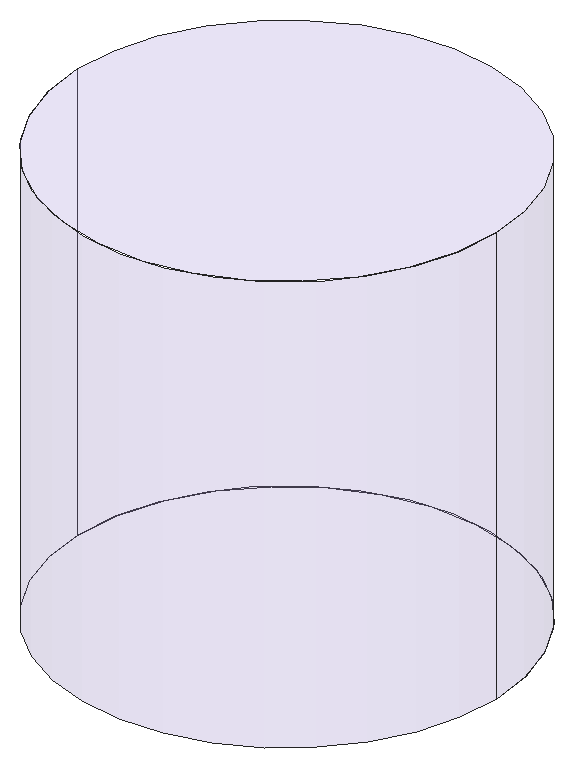
Revit family
Parameters
  Radius [instance] = 4500 mm
  Mass Material [instance] = Default Mass
  Height [instance] = 9000 mm
  Default Elevation = 1200 mm
Reference planes
  plane 1 "Center (Front/Back)": y = 12.955
  plane 2: z = 0
  plane 3 "Center (Left/Right)": x = -30.261
  plane 4: y = 4512.955
  plane 5: x = 4469.739
  plane 6: y = -4487.045
  plane 7: x = -4530.261
  plane 8: z = 9000
Forms (mm)
  Extrusion 1, solid, material "Default Mass" <- "Mass Material"
    sketch origin (0, 0, 0) x (1, 0, 0) y (0, 1, 0)
      loop
        circle (-30.261, 12.955) r 4500
    from 0 to 9000
Dimensions and locks
  "Radius": plane 4 to plane 1 "Center (Front/Back)"
  "Radius": plane 1 "Center (Front/Back)" to plane 6
  "Radius": plane 3 "Center (Left/Right)" to plane 5
  "Radius": plane 7 to plane 3 "Center (Left/Right)"
  "Height": plane 8 to plane 2
  locked: plane 2 to level
  "Radius": radius of Extrusion 1 sketch curve
  aligned and locked: plane 8 to Extrusion 1
  aligned and locked: Extrusion 1 to plane 2
Automatic sketch dimensions
  Extrusion 1 sketch curve to plane 1 "Center (Front/Back)" = 0 mm
  Extrusion 1 sketch curve to plane 3 "Center (Left/Right)" = 0 mm
